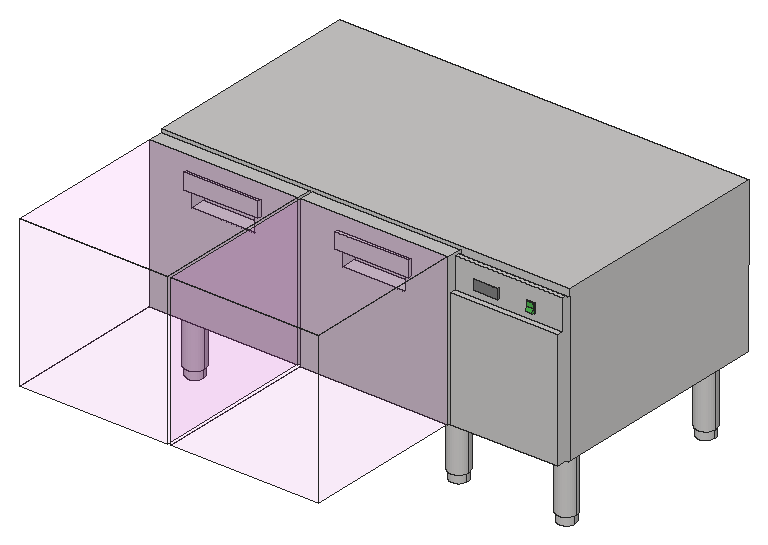
Revit family "QF_ELECTROLUXPROFESSIONAL_371290_E7TTAECOMIN", category Specialty Equipment, Revit 2018
Family settings
  Round Connector Dimension = Use Diameter
  Part Type = Normal
  Work Plane-Based = No
  Always vertical = Yes
  Cut with Voids When Loaded = No
  Shared = No
  Room Calculation Point = No
Parameters (values of type "Standard")
  Weight = 95.00 kg
  Watts = 0 W
  Volts = 220 V
  URL Manufacturer = "http://professional.electrolux.com"
  URL = "http://professional.electrolux.com"
  Steam Supply Size = 0 mm
  Steam Supply Minimum Pressure = 0.0 Pa
  Steam Supply Maximum Pressure = 0.0 Pa
  Steam Pounds per Hour = 0
  Refrigeration Suction Line Size = 0 mm
  Refrigeration Liquid Line Size = 0 mm
  Refrigerant Compressor Remote = yes
  Manufacturer = "Electrolux Professional"
  Phase = 1
  Model = "E7TTAECOMIN"
  Length Actual = 1200 mm  # constant formula
  Item Number = "371290"
  Hot Water Size = 0 mm
  Height Actual = 600 mm  # constant formula
  HP = "0.5 HP"
  Gas Size = 0 mm
  Gas KW = 0
  Gas Input Pressure = 0 W
  Direct Waste Size = 12.7 mm
  Description = "REFRIGERATED BASE WITH 2 DRAWERS 1200MM - R290"
  Depth Actual = 700 mm  # constant formula
  Cycle = 50 Hz
  Condensate Return Size = 0 mm
  Compressed Air Volume = 0.0 L/s
  Compressed Air Size = 0 mm
  Compressed Air Pressure = 0.0 Pa
  Cold Water Size = 0 mm
  Accessory = yes
Values of the unnamed type that differ from the named types
  Volts = 0 V
  URL Manufacturer = ""
  Item Number = ""
  Cycle = 0 Hz
Reference planes
  plane 1 "Center X": y = 0
  plane 2: z = 0
  plane 3 "Centro (Sinistra/Destra)": x = 0
  plane 4: z = 200
  plane 5 "TOP": z = 650
  plane 6 "BACK": y = 350
  plane 7 "FRONT": y = -350
  plane 8 "LEFT": x = -600
  plane 9 "RIGHT": x = 600
  plane 10: y = -303
  plane 11: y = -348
  plane 12: x = -545
  plane 13: x = 545
  plane 14: x = 229
  plane 15: y = 262
  plane 16: y = -249
  plane 17: x = 286
  plane 18: x = -599
  plane 19: x = 599
  plane 20: y = 190
  plane 21: x = 560
Forms (mm)
  Extrusion 1, solid, material "QF_Finishes_Stainless Steel"
    sketch origin (0, 0, 650) x (-1, 0, 0) y (0, -1, 0)
      loop
        line (599, -350) -> (599, 303) -> (-599, 303) -> (-599, -350) -> (599, -350)
    from -450 to 0
  Extrusion 2, solid, material "QF_Finishes_Stainless Steel"
    sketch origin (196, -342.999, 0) x (-1, 0, 0) y (0, 0, 1)
      loop
        line (795, 201.587) -> (795, 640.994) -> (360.999, 640.994) -> (360.999, 201.587) -> (795, 201.587)
      loop
        line (671.3, 506.706) -> (671.3, 585) -> (484.699, 585) -> (484.699, 506.706) -> (671.3, 506.706)
    from -5.001 to 39.999
  Extrusion 3, solid, material "QF_Door-Drawer Clearances"
    sketch origin (196, -348, 0) x (1, 0, 0) y (0, 0, 1)
      loop
        line (-795, 640.994) -> (-795, 201.587) -> (-360.999, 201.587) -> (-360.999, 640.994) -> (-795, 640.994)
    from 0 to 473.5
  Extrusion 4, solid, material "QF_Finishes_Stainless Steel"
    sketch origin (599, 66.551, 0) x (0, 1, 0) y (0, 0, 1)
      loop
        line (-369.551, 629.527) -> (-386.314, 640.994) -> (-397.65, 640.994) -> (-397.65, 549.796) -> (-414.551, 549.796) -> (-414.551, 204.796) -> (-384.714, 204.796) -> (-374.993, 200) -> (-369.551, 200) -> (-369.551, 629.527)
    from 0 to -313
  Extrusion 5, solid, material "QF_Finishes_Black"
    sketch origin (583, -331.099, 630.994) x (0, 0, -1) y (1, 0, 0)
      loop
        line (32.198, -86.899) -> (61.199, -86.899) -> (61.199, -64.9) -> (32.198, -64.9) -> (32.198, -86.899)
    from 0 to 1.6
  Extrusion 6, solid, material "QF_Finishes_Grey"
    sketch origin (589, -331.099, 630.994) x (0, 0, -1) y (1, 0, 0)
      loop
        line (32.198, -248.099) -> (61.199, -248.099) -> (61.199, -178.099) -> (32.198, -178.099) -> (32.198, -248.099)
    from 0 to 1.6
  Extrusion 7, solid, material "QF_Finishes_Green"
    sketch origin (518.1, -331.099, 598.796) x (0, 0, -1) y (0, 1, 0)
      loop
        line (2.279, -3.281) -> (14.5, -3.281) -> (25.308, -8.985)
        arc (25.308, -8.985) -> (26.537, -5.394) -> (26.605, -1.6) r 12.221
        line (26.605, -1.6) -> (2.395, -1.6)
        arc (2.395, -1.6) -> (2.308, -2.439) -> (2.279, -3.281) r 12.221
    from -20 to -2
  Extrusion 8, solid, material "QF_Door-Drawer Clearances"
    sketch origin (638.501, -342.999, 0) x (1, 0, 0) y (0, 0, 1)
      loop
        line (-795, 640.994) -> (-795, 201.587) -> (-360.999, 201.587) -> (-360.999, 640.994) -> (-795, 640.994)
    from 5.001 to 478.501
  Extrusion 9, solid, material "QF_Finishes_Stainless Steel"
    sketch origin (196, -348, 0) x (1, 0, 0) y (0, 0, 1)
      loop
        line (-686.3, 598.969) -> (-686.3, 553.969) -> (-469.699, 553.969) -> (-469.699, 598.969) -> (-686.3, 598.969)
    from 0 to 10
  Extrusion 10, solid, material "QF_Finishes_Stainless Steel"
    sketch origin (638.501, -342.999, 0) x (-1, 0, 0) y (0, 0, 1)
      loop
        line (795, 201.587) -> (795, 640.994) -> (360.999, 640.994) -> (360.999, 201.587) -> (795, 201.587)
      loop
        line (671.3, 506.706) -> (671.3, 585) -> (484.699, 585) -> (484.699, 506.706) -> (671.3, 506.706)
    from -5.001 to 39.999
  Extrusion 11, solid, material "QF_Finishes_Stainless Steel"
    sketch origin (638.501, -348, 0) x (1, 0, 0) y (0, 0, 1)
      loop
        line (-686.3, 598.969) -> (-686.3, 553.969) -> (-469.699, 553.969) -> (-469.699, 598.969) -> (-686.3, 598.969)
    from 0 to 10
  Extrusion 12, solid, material "QF_Finishes_Stainless Steel"
    sketch origin (0, 0, 0) x (1, 0, 0) y (0, 1, 0)
      loop
        circle (560, 190) r 6
    from 189.987 to 200
Lines and regions (mm)
  Split face 1
    outline origin (589, -332.699, 630.994) x (0, 0, -1) y (1, 0, 0)
      loop
        line (37.198, -238.099) -> (52.198, -238.099) -> (52.198, -188.099) -> (37.198, -188.099) -> (37.198, -238.099)
  Split face 2
    outline origin (589, -332.699, 630.994) x (0, 0, -1) y (1, 0, 0)
      loop
        circle (44.698, -185.099) r 1.2
  Split face 3
    outline origin (589, -332.699, 630.994) x (0, 0, -1) y (1, 0, 0)
      loop
        circle (39.698, -185.099) r 1.2
  Split face 4
    outline origin (589, -332.699, 630.994) x (0, 0, -1) y (1, 0, 0)
      loop
        circle (49.698, -185.099) r 1.2
  Split face 5
    outline origin (589, -332.699, 630.994) x (0, 0, -1) y (1, 0, 0)
      loop
        circle (39.698, -241.099) r 1.2
  Split face 6
    outline origin (589, -332.699, 630.994) x (0, 0, -1) y (1, 0, 0)
      loop
        circle (44.698, -241.099) r 1.2
  Split face 7
    outline origin (589, -332.699, 630.994) x (0, 0, -1) y (1, 0, 0)
      loop
        circle (49.698, -241.099) r 1.2
  Split face 8
    outline origin (589, -332.699, 630.994) x (0, 0, -1) y (1, 0, 0)
      loop
        line (59.151, -238.099) -> (59.151, -227.099) -> (54.151, -227.099) -> (54.151, -238.099) -> (59.151, -238.099)
  Split face 9
    outline origin (589, -332.699, 630.994) x (0, 0, -1) y (1, 0, 0)
      loop
        line (54.151, -225.099) -> (59.151, -225.099) -> (59.151, -214.099) -> (54.151, -214.099) -> (54.151, -225.099)
  Split face 10
    outline origin (602, -332.699, 630.994) x (0, 0, -1) y (1, 0, 0)
      loop
        line (54.151, -225.099) -> (59.151, -225.099) -> (59.151, -214.099) -> (54.151, -214.099) -> (54.151, -225.099)
  Split face 11
    outline origin (615, -332.699, 630.994) x (0, 0, -1) y (1, 0, 0)
      loop
        line (54.151, -225.099) -> (59.151, -225.099) -> (59.151, -214.099) -> (54.151, -214.099) -> (54.151, -225.099)
  Split face 12
    outline origin (601.5, -348, 412.291) x (0, 0, -1) y (1, 0, 0)
      loop
        arc (-85.025, -282.599) -> (-81.004, -278.61) -> (-85.004, -274.599) r 4
        line (-85.004, -274.599) -> (-117.004, -274.599)
        arc (-117.004, -274.599) -> (-121.004, -278.61) -> (-116.984, -282.599) r 4
        line (-116.984, -282.599) -> (-85.025, -282.599)
  Split face 13
    outline origin (613.5, -348, 412.291) x (0, 0, -1) y (1, 0, 0)
      loop
        arc (-85.025, -282.599) -> (-81.004, -278.61) -> (-85.004, -274.599) r 4
        line (-85.004, -274.599) -> (-117.004, -274.599)
        arc (-117.004, -274.599) -> (-121.004, -278.61) -> (-116.984, -282.599) r 4
        line (-116.984, -282.599) -> (-85.025, -282.599)
  Split face 14
    outline origin (625.5, -348, 412.291) x (0, 0, -1) y (1, 0, 0)
      loop
        arc (-85.025, -282.599) -> (-81.004, -278.61) -> (-85.004, -274.599) r 4
        line (-85.004, -274.599) -> (-117.004, -274.599)
        arc (-117.004, -274.599) -> (-121.004, -278.61) -> (-116.984, -282.599) r 4
        line (-116.984, -282.599) -> (-85.025, -282.599)
  Split face 15
    outline origin (637.397, -348, 412.291) x (0, 0, -1) y (1, 0, 0)
      loop
        arc (-85.025, -282.599) -> (-81.004, -278.61) -> (-85.004, -274.599) r 4
        line (-85.004, -274.599) -> (-117.004, -274.599)
        arc (-117.004, -274.599) -> (-121.004, -278.61) -> (-116.984, -282.599) r 4
        line (-116.984, -282.599) -> (-85.025, -282.599)
  Split face 16
    outline origin (649.396, -348, 412.291) x (0, 0, -1) y (1, 0, 0)
      loop
        arc (-85.025, -282.599) -> (-81.004, -278.61) -> (-85.004, -274.599) r 4
        line (-85.004, -274.599) -> (-117.004, -274.599)
        arc (-117.004, -274.599) -> (-121.004, -278.61) -> (-116.984, -282.599) r 4
        line (-116.984, -282.599) -> (-85.025, -282.599)
  Split face 17
    outline origin (661.396, -348, 412.291) x (0, 0, -1) y (1, 0, 0)
      loop
        arc (-85.025, -282.599) -> (-81.004, -278.61) -> (-85.004, -274.599) r 4
        line (-85.004, -274.599) -> (-117.004, -274.599)
        arc (-117.004, -274.599) -> (-121.004, -278.61) -> (-116.984, -282.599) r 4
        line (-116.984, -282.599) -> (-85.025, -282.599)
  Split face 18
    outline origin (673.396, -348, 412.291) x (0, 0, -1) y (1, 0, 0)
      loop
        arc (-85.025, -282.599) -> (-81.004, -278.61) -> (-85.004, -274.599) r 4
        line (-85.004, -274.599) -> (-117.004, -274.599)
        arc (-117.004, -274.599) -> (-121.004, -278.61) -> (-116.984, -282.599) r 4
        line (-116.984, -282.599) -> (-85.025, -282.599)
  Split face 19
    outline origin (685.397, -348, 412.291) x (0, 0, -1) y (1, 0, 0)
      loop
        arc (-85.025, -282.599) -> (-81.004, -278.61) -> (-85.004, -274.599) r 4
        line (-85.004, -274.599) -> (-117.004, -274.599)
        arc (-117.004, -274.599) -> (-121.004, -278.61) -> (-116.984, -282.599) r 4
        line (-116.984, -282.599) -> (-85.025, -282.599)
  Split face 20
    outline origin (697.396, -348, 412.291) x (0, 0, -1) y (1, 0, 0)
      loop
        arc (-85.025, -282.599) -> (-81.004, -278.61) -> (-85.004, -274.599) r 4
        line (-85.004, -274.599) -> (-117.004, -274.599)
        arc (-117.004, -274.599) -> (-121.004, -278.61) -> (-116.984, -282.599) r 4
        line (-116.984, -282.599) -> (-85.025, -282.599)
  Split face 21
    outline origin (704.396, -348, 412.291) x (0, 0, -1) y (1, 0, 0)
      loop
        arc (-85.025, -242.399) -> (-81.004, -238.41) -> (-85.004, -234.4) r 4
        line (-85.004, -234.4) -> (-117.004, -234.4)
        arc (-117.004, -234.4) -> (-121.004, -238.41) -> (-116.984, -242.399) r 4
        line (-116.984, -242.399) -> (-85.025, -242.399)
  Split face 22
    outline origin (716.396, -348, 412.291) x (0, 0, -1) y (1, 0, 0)
      loop
        arc (-85.025, -242.399) -> (-81.004, -238.41) -> (-85.004, -234.4) r 4
        line (-85.004, -234.4) -> (-117.004, -234.4)
        arc (-117.004, -234.4) -> (-121.004, -238.41) -> (-116.984, -242.399) r 4
        line (-116.984, -242.399) -> (-85.025, -242.399)
  Split face 23
    outline origin (728.396, -348, 412.291) x (0, 0, -1) y (1, 0, 0)
      loop
        arc (-85.025, -242.399) -> (-81.004, -238.41) -> (-85.004, -234.4) r 4
        line (-85.004, -234.4) -> (-117.004, -234.4)
        arc (-117.004, -234.4) -> (-121.004, -238.41) -> (-116.984, -242.399) r 4
        line (-116.984, -242.399) -> (-85.025, -242.399)
  Split face 24
    outline origin (740.396, -348, 412.291) x (0, 0, -1) y (1, 0, 0)
      loop
        arc (-85.025, -242.399) -> (-81.004, -238.41) -> (-85.004, -234.4) r 4
        line (-85.004, -234.4) -> (-117.004, -234.4)
        arc (-117.004, -234.4) -> (-121.004, -238.41) -> (-116.984, -242.399) r 4
        line (-116.984, -242.399) -> (-85.025, -242.399)
  Split face 25
    outline origin (752.396, -348, 412.291) x (0, 0, -1) y (1, 0, 0)
      loop
        arc (-85.025, -242.399) -> (-81.004, -238.41) -> (-85.004, -234.4) r 4
        line (-85.004, -234.4) -> (-117.004, -234.4)
        arc (-117.004, -234.4) -> (-121.004, -238.41) -> (-116.984, -242.399) r 4
        line (-116.984, -242.399) -> (-85.025, -242.399)
  Split face 26
    outline origin (764.396, -348, 412.291) x (0, 0, -1) y (1, 0, 0)
      loop
        arc (-85.025, -242.399) -> (-81.004, -238.41) -> (-85.004, -234.4) r 4
        line (-85.004, -234.4) -> (-117.004, -234.4)
        arc (-117.004, -234.4) -> (-121.004, -238.41) -> (-116.984, -242.399) r 4
        line (-116.984, -242.399) -> (-85.025, -242.399)
  Split face 27
    outline origin (776.396, -348, 412.291) x (0, 0, -1) y (1, 0, 0)
      loop
        arc (-85.025, -242.399) -> (-81.004, -238.41) -> (-85.004, -234.4) r 4
        line (-85.004, -234.4) -> (-117.004, -234.4)
        arc (-117.004, -234.4) -> (-121.004, -238.41) -> (-116.984, -242.399) r 4
        line (-116.984, -242.399) -> (-85.025, -242.399)
  Split face 28
    outline origin (788.396, -348, 412.291) x (0, 0, -1) y (1, 0, 0)
      loop
        arc (-85.025, -242.399) -> (-81.004, -238.41) -> (-85.004, -234.4) r 4
        line (-85.004, -234.4) -> (-117.004, -234.4)
        arc (-117.004, -234.4) -> (-121.004, -238.41) -> (-116.984, -242.399) r 4
        line (-116.984, -242.399) -> (-85.025, -242.399)
  Split face 29
    outline origin (800.396, -348, 412.291) x (0, 0, -1) y (1, 0, 0)
      loop
        arc (-85.025, -242.399) -> (-81.004, -238.41) -> (-85.004, -234.4) r 4
        line (-85.004, -234.4) -> (-117.004, -234.4)
        arc (-117.004, -234.4) -> (-121.004, -238.41) -> (-116.984, -242.399) r 4
        line (-116.984, -242.399) -> (-85.025, -242.399)
  Split face 30
    outline origin (812.396, -348, 412.291) x (0, 0, -1) y (1, 0, 0)
      loop
        arc (-85.025, -242.399) -> (-81.004, -238.41) -> (-85.004, -234.4) r 4
        line (-85.004, -234.4) -> (-117.004, -234.4)
        arc (-117.004, -234.4) -> (-121.004, -238.41) -> (-116.984, -242.399) r 4
        line (-116.984, -242.399) -> (-85.025, -242.399)
  Split face 31
    outline origin (589.5, -348, 412.291) x (0, 0, -1) y (1, 0, 0)
      loop
        arc (-85.025, -282.599) -> (-81.004, -278.61) -> (-85.004, -274.599) r 4
        line (-85.004, -274.599) -> (-117.004, -274.599)
        arc (-117.004, -274.599) -> (-121.004, -278.61) -> (-116.984, -282.599) r 4
        line (-116.984, -282.599) -> (-85.025, -282.599)
  Split face 32
    outline origin (601.5, -348, 367.29) x (0, 0, -1) y (1, 0, 0)
      loop
        arc (-85.025, -282.599) -> (-81.004, -278.61) -> (-85.004, -274.599) r 4
        line (-85.004, -274.599) -> (-117.004, -274.599)
        arc (-117.004, -274.599) -> (-121.004, -278.61) -> (-116.984, -282.599) r 4
        line (-116.984, -282.599) -> (-85.025, -282.599)
  Split face 33
    outline origin (613.5, -348, 367.29) x (0, 0, -1) y (1, 0, 0)
      loop
        arc (-85.025, -282.599) -> (-81.004, -278.61) -> (-85.004, -274.599) r 4
        line (-85.004, -274.599) -> (-117.004, -274.599)
        arc (-117.004, -274.599) -> (-121.004, -278.61) -> (-116.984, -282.599) r 4
        line (-116.984, -282.599) -> (-85.025, -282.599)
  Split face 34
    outline origin (625.5, -348, 367.29) x (0, 0, -1) y (1, 0, 0)
      loop
        arc (-85.025, -282.599) -> (-81.004, -278.61) -> (-85.004, -274.599) r 4
        line (-85.004, -274.599) -> (-117.004, -274.599)
        arc (-117.004, -274.599) -> (-121.004, -278.61) -> (-116.984, -282.599) r 4
        line (-116.984, -282.599) -> (-85.025, -282.599)
  Split face 35
    outline origin (637.397, -348, 367.29) x (0, 0, -1) y (1, 0, 0)
      loop
        arc (-85.025, -282.599) -> (-81.004, -278.61) -> (-85.004, -274.599) r 4
        line (-85.004, -274.599) -> (-117.004, -274.599)
        arc (-117.004, -274.599) -> (-121.004, -278.61) -> (-116.984, -282.599) r 4
        line (-116.984, -282.599) -> (-85.025, -282.599)
  Split face 36
    outline origin (649.396, -348, 367.29) x (0, 0, -1) y (1, 0, 0)
      loop
        arc (-85.025, -282.599) -> (-81.004, -278.61) -> (-85.004, -274.599) r 4
        line (-85.004, -274.599) -> (-117.004, -274.599)
        arc (-117.004, -274.599) -> (-121.004, -278.61) -> (-116.984, -282.599) r 4
        line (-116.984, -282.599) -> (-85.025, -282.599)
  Split face 37
    outline origin (661.396, -348, 367.29) x (0, 0, -1) y (1, 0, 0)
      loop
        arc (-85.025, -282.599) -> (-81.004, -278.61) -> (-85.004, -274.599) r 4
        line (-85.004, -274.599) -> (-117.004, -274.599)
        arc (-117.004, -274.599) -> (-121.004, -278.61) -> (-116.984, -282.599) r 4
        line (-116.984, -282.599) -> (-85.025, -282.599)
  Split face 38
    outline origin (673.396, -348, 367.29) x (0, 0, -1) y (1, 0, 0)
      loop
        arc (-85.025, -282.599) -> (-81.004, -278.61) -> (-85.004, -274.599) r 4
        line (-85.004, -274.599) -> (-117.004, -274.599)
        arc (-117.004, -274.599) -> (-121.004, -278.61) -> (-116.984, -282.599) r 4
        line (-116.984, -282.599) -> (-85.025, -282.599)
  Split face 39
    outline origin (685.397, -348, 367.29) x (0, 0, -1) y (1, 0, 0)
      loop
        arc (-85.025, -282.599) -> (-81.004, -278.61) -> (-85.004, -274.599) r 4
        line (-85.004, -274.599) -> (-117.004, -274.599)
        arc (-117.004, -274.599) -> (-121.004, -278.61) -> (-116.984, -282.599) r 4
        line (-116.984, -282.599) -> (-85.025, -282.599)
  Split face 40
    outline origin (697.396, -348, 367.29) x (0, 0, -1) y (1, 0, 0)
      loop
        arc (-85.025, -282.599) -> (-81.004, -278.61) -> (-85.004, -274.599) r 4
        line (-85.004, -274.599) -> (-117.004, -274.599)
        arc (-117.004, -274.599) -> (-121.004, -278.61) -> (-116.984, -282.599) r 4
        line (-116.984, -282.599) -> (-85.025, -282.599)
  Split face 41
    outline origin (704.396, -348, 367.29) x (0, 0, -1) y (1, 0, 0)
      loop
        arc (-85.025, -242.399) -> (-81.004, -238.41) -> (-85.004, -234.4) r 4
        line (-85.004, -234.4) -> (-117.004, -234.4)
        arc (-117.004, -234.4) -> (-121.004, -238.41) -> (-116.984, -242.399) r 4
        line (-116.984, -242.399) -> (-85.025, -242.399)
  Split face 42
    outline origin (716.396, -348, 367.29) x (0, 0, -1) y (1, 0, 0)
      loop
        arc (-85.025, -242.399) -> (-81.004, -238.41) -> (-85.004, -234.4) r 4
        line (-85.004, -234.4) -> (-117.004, -234.4)
        arc (-117.004, -234.4) -> (-121.004, -238.41) -> (-116.984, -242.399) r 4
        line (-116.984, -242.399) -> (-85.025, -242.399)
  Split face 43
    outline origin (728.396, -348, 367.29) x (0, 0, -1) y (1, 0, 0)
      loop
        arc (-85.025, -242.399) -> (-81.004, -238.41) -> (-85.004, -234.4) r 4
        line (-85.004, -234.4) -> (-117.004, -234.4)
        arc (-117.004, -234.4) -> (-121.004, -238.41) -> (-116.984, -242.399) r 4
        line (-116.984, -242.399) -> (-85.025, -242.399)
  Split face 44
    outline origin (740.396, -348, 367.29) x (0, 0, -1) y (1, 0, 0)
      loop
        arc (-85.025, -242.399) -> (-81.004, -238.41) -> (-85.004, -234.4) r 4
        line (-85.004, -234.4) -> (-117.004, -234.4)
        arc (-117.004, -234.4) -> (-121.004, -238.41) -> (-116.984, -242.399) r 4
        line (-116.984, -242.399) -> (-85.025, -242.399)
  Split face 45
    outline origin (752.396, -348, 367.29) x (0, 0, -1) y (1, 0, 0)
      loop
        arc (-85.025, -242.399) -> (-81.004, -238.41) -> (-85.004, -234.4) r 4
        line (-85.004, -234.4) -> (-117.004, -234.4)
        arc (-117.004, -234.4) -> (-121.004, -238.41) -> (-116.984, -242.399) r 4
        line (-116.984, -242.399) -> (-85.025, -242.399)
  Split face 46
    outline origin (764.396, -348, 367.29) x (0, 0, -1) y (1, 0, 0)
      loop
        arc (-85.025, -242.399) -> (-81.004, -238.41) -> (-85.004, -234.4) r 4
        line (-85.004, -234.4) -> (-117.004, -234.4)
        arc (-117.004, -234.4) -> (-121.004, -238.41) -> (-116.984, -242.399) r 4
        line (-116.984, -242.399) -> (-85.025, -242.399)
  Split face 47
    outline origin (776.396, -348, 367.29) x (0, 0, -1) y (1, 0, 0)
      loop
        arc (-85.025, -242.399) -> (-81.004, -238.41) -> (-85.004, -234.4) r 4
        line (-85.004, -234.4) -> (-117.004, -234.4)
        arc (-117.004, -234.4) -> (-121.004, -238.41) -> (-116.984, -242.399) r 4
        line (-116.984, -242.399) -> (-85.025, -242.399)
  Split face 48
    outline origin (788.396, -348, 367.29) x (0, 0, -1) y (1, 0, 0)
      loop
        arc (-85.025, -242.399) -> (-81.004, -238.41) -> (-85.004, -234.4) r 4
        line (-85.004, -234.4) -> (-117.004, -234.4)
        arc (-117.004, -234.4) -> (-121.004, -238.41) -> (-116.984, -242.399) r 4
        line (-116.984, -242.399) -> (-85.025, -242.399)
  Split face 49
    outline origin (800.396, -348, 367.29) x (0, 0, -1) y (1, 0, 0)
      loop
        arc (-85.025, -242.399) -> (-81.004, -238.41) -> (-85.004, -234.4) r 4
        line (-85.004, -234.4) -> (-117.004, -234.4)
        arc (-117.004, -234.4) -> (-121.004, -238.41) -> (-116.984, -242.399) r 4
        line (-116.984, -242.399) -> (-85.025, -242.399)
  Split face 50
    outline origin (812.396, -348, 367.29) x (0, 0, -1) y (1, 0, 0)
      loop
        arc (-85.025, -242.399) -> (-81.004, -238.41) -> (-85.004, -234.4) r 4
        line (-85.004, -234.4) -> (-117.004, -234.4)
        arc (-117.004, -234.4) -> (-121.004, -238.41) -> (-116.984, -242.399) r 4
        line (-116.984, -242.399) -> (-85.025, -242.399)
  Split face 51
    outline origin (589.5, -348, 367.29) x (0, 0, -1) y (1, 0, 0)
      loop
        arc (-85.025, -282.599) -> (-81.004, -278.61) -> (-85.004, -274.599) r 4
        line (-85.004, -274.599) -> (-117.004, -274.599)
        arc (-117.004, -274.599) -> (-121.004, -278.61) -> (-116.984, -282.599) r 4
        line (-116.984, -282.599) -> (-85.025, -282.599)
  Split face 52
    outline origin (601.5, -348, 322.29) x (0, 0, -1) y (1, 0, 0)
      loop
        arc (-85.025, -282.599) -> (-81.004, -278.61) -> (-85.004, -274.599) r 4
        line (-85.004, -274.599) -> (-117.004, -274.599)
        arc (-117.004, -274.599) -> (-121.004, -278.61) -> (-116.984, -282.599) r 4
        line (-116.984, -282.599) -> (-85.025, -282.599)
  Split face 53
    outline origin (613.5, -348, 322.29) x (0, 0, -1) y (1, 0, 0)
      loop
        arc (-85.025, -282.599) -> (-81.004, -278.61) -> (-85.004, -274.599) r 4
        line (-85.004, -274.599) -> (-117.004, -274.599)
        arc (-117.004, -274.599) -> (-121.004, -278.61) -> (-116.984, -282.599) r 4
        line (-116.984, -282.599) -> (-85.025, -282.599)
  Split face 54
    outline origin (625.5, -348, 322.29) x (0, 0, -1) y (1, 0, 0)
      loop
        arc (-85.025, -282.599) -> (-81.004, -278.61) -> (-85.004, -274.599) r 4
        line (-85.004, -274.599) -> (-117.004, -274.599)
        arc (-117.004, -274.599) -> (-121.004, -278.61) -> (-116.984, -282.599) r 4
        line (-116.984, -282.599) -> (-85.025, -282.599)
  Split face 55
    outline origin (637.397, -348, 322.29) x (0, 0, -1) y (1, 0, 0)
      loop
        arc (-85.025, -282.599) -> (-81.004, -278.61) -> (-85.004, -274.599) r 4
        line (-85.004, -274.599) -> (-117.004, -274.599)
        arc (-117.004, -274.599) -> (-121.004, -278.61) -> (-116.984, -282.599) r 4
        line (-116.984, -282.599) -> (-85.025, -282.599)
  Split face 56
    outline origin (649.396, -348, 322.29) x (0, 0, -1) y (1, 0, 0)
      loop
        arc (-85.025, -282.599) -> (-81.004, -278.61) -> (-85.004, -274.599) r 4
        line (-85.004, -274.599) -> (-117.004, -274.599)
        arc (-117.004, -274.599) -> (-121.004, -278.61) -> (-116.984, -282.599) r 4
        line (-116.984, -282.599) -> (-85.025, -282.599)
  Split face 57
    outline origin (661.396, -348, 322.29) x (0, 0, -1) y (1, 0, 0)
      loop
        arc (-85.025, -282.599) -> (-81.004, -278.61) -> (-85.004, -274.599) r 4
        line (-85.004, -274.599) -> (-117.004, -274.599)
        arc (-117.004, -274.599) -> (-121.004, -278.61) -> (-116.984, -282.599) r 4
        line (-116.984, -282.599) -> (-85.025, -282.599)
  Split face 58
    outline origin (673.396, -348, 322.29) x (0, 0, -1) y (1, 0, 0)
      loop
        arc (-85.025, -282.599) -> (-81.004, -278.61) -> (-85.004, -274.599) r 4
        line (-85.004, -274.599) -> (-117.004, -274.599)
        arc (-117.004, -274.599) -> (-121.004, -278.61) -> (-116.984, -282.599) r 4
        line (-116.984, -282.599) -> (-85.025, -282.599)
  Split face 59
    outline origin (685.397, -348, 322.29) x (0, 0, -1) y (1, 0, 0)
      loop
        arc (-85.025, -282.599) -> (-81.004, -278.61) -> (-85.004, -274.599) r 4
        line (-85.004, -274.599) -> (-117.004, -274.599)
        arc (-117.004, -274.599) -> (-121.004, -278.61) -> (-116.984, -282.599) r 4
        line (-116.984, -282.599) -> (-85.025, -282.599)
  Split face 60
    outline origin (697.396, -348, 322.29) x (0, 0, -1) y (1, 0, 0)
      loop
        arc (-85.025, -282.599) -> (-81.004, -278.61) -> (-85.004, -274.599) r 4
        line (-85.004, -274.599) -> (-117.004, -274.599)
        arc (-117.004, -274.599) -> (-121.004, -278.61) -> (-116.984, -282.599) r 4
        line (-116.984, -282.599) -> (-85.025, -282.599)
  Split face 61
    outline origin (704.396, -348, 322.29) x (0, 0, -1) y (1, 0, 0)
      loop
        arc (-85.025, -242.399) -> (-81.004, -238.41) -> (-85.004, -234.4) r 4
        line (-85.004, -234.4) -> (-117.004, -234.4)
        arc (-117.004, -234.4) -> (-121.004, -238.41) -> (-116.984, -242.399) r 4
        line (-116.984, -242.399) -> (-85.025, -242.399)
  Split face 62
    outline origin (716.396, -348, 322.29) x (0, 0, -1) y (1, 0, 0)
      loop
        arc (-85.025, -242.399) -> (-81.004, -238.41) -> (-85.004, -234.4) r 4
        line (-85.004, -234.4) -> (-117.004, -234.4)
        arc (-117.004, -234.4) -> (-121.004, -238.41) -> (-116.984, -242.399) r 4
        line (-116.984, -242.399) -> (-85.025, -242.399)
  Split face 63
    outline origin (728.396, -348, 322.29) x (0, 0, -1) y (1, 0, 0)
      loop
        arc (-85.025, -242.399) -> (-81.004, -238.41) -> (-85.004, -234.4) r 4
        line (-85.004, -234.4) -> (-117.004, -234.4)
        arc (-117.004, -234.4) -> (-121.004, -238.41) -> (-116.984, -242.399) r 4
        line (-116.984, -242.399) -> (-85.025, -242.399)
  Split face 64
    outline origin (740.396, -348, 322.29) x (0, 0, -1) y (1, 0, 0)
      loop
        arc (-85.025, -242.399) -> (-81.004, -238.41) -> (-85.004, -234.4) r 4
        line (-85.004, -234.4) -> (-117.004, -234.4)
        arc (-117.004, -234.4) -> (-121.004, -238.41) -> (-116.984, -242.399) r 4
        line (-116.984, -242.399) -> (-85.025, -242.399)
  Split face 65
    outline origin (752.396, -348, 322.29) x (0, 0, -1) y (1, 0, 0)
      loop
        arc (-85.025, -242.399) -> (-81.004, -238.41) -> (-85.004, -234.4) r 4
        line (-85.004, -234.4) -> (-117.004, -234.4)
        arc (-117.004, -234.4) -> (-121.004, -238.41) -> (-116.984, -242.399) r 4
        line (-116.984, -242.399) -> (-85.025, -242.399)
  Split face 66
    outline origin (764.396, -348, 322.29) x (0, 0, -1) y (1, 0, 0)
      loop
        arc (-85.025, -242.399) -> (-81.004, -238.41) -> (-85.004, -234.4) r 4
        line (-85.004, -234.4) -> (-117.004, -234.4)
        arc (-117.004, -234.4) -> (-121.004, -238.41) -> (-116.984, -242.399) r 4
        line (-116.984, -242.399) -> (-85.025, -242.399)
  Split face 67
    outline origin (776.396, -348, 322.29) x (0, 0, -1) y (1, 0, 0)
      loop
        arc (-85.025, -242.399) -> (-81.004, -238.41) -> (-85.004, -234.4) r 4
        line (-85.004, -234.4) -> (-117.004, -234.4)
        arc (-117.004, -234.4) -> (-121.004, -238.41) -> (-116.984, -242.399) r 4
        line (-116.984, -242.399) -> (-85.025, -242.399)
  Split face 68
    outline origin (788.396, -348, 322.29) x (0, 0, -1) y (1, 0, 0)
      loop
        arc (-85.025, -242.399) -> (-81.004, -238.41) -> (-85.004, -234.4) r 4
        line (-85.004, -234.4) -> (-117.004, -234.4)
        arc (-117.004, -234.4) -> (-121.004, -238.41) -> (-116.984, -242.399) r 4
        line (-116.984, -242.399) -> (-85.025, -242.399)
  Split face 69
    outline origin (800.396, -348, 322.29) x (0, 0, -1) y (1, 0, 0)
      loop
        arc (-85.025, -242.399) -> (-81.004, -238.41) -> (-85.004, -234.4) r 4
        line (-85.004, -234.4) -> (-117.004, -234.4)
        arc (-117.004, -234.4) -> (-121.004, -238.41) -> (-116.984, -242.399) r 4
        line (-116.984, -242.399) -> (-85.025, -242.399)
  Split face 70
    outline origin (812.396, -348, 322.29) x (0, 0, -1) y (1, 0, 0)
      loop
        arc (-85.025, -242.399) -> (-81.004, -238.41) -> (-85.004, -234.4) r 4
        line (-85.004, -234.4) -> (-117.004, -234.4)
        arc (-117.004, -234.4) -> (-121.004, -238.41) -> (-116.984, -242.399) r 4
        line (-116.984, -242.399) -> (-85.025, -242.399)
  Split face 71
    outline origin (589.5, -348, 322.29) x (0, 0, -1) y (1, 0, 0)
      loop
        arc (-85.025, -282.599) -> (-81.004, -278.61) -> (-85.004, -274.599) r 4
        line (-85.004, -274.599) -> (-117.004, -274.599)
        arc (-117.004, -274.599) -> (-121.004, -278.61) -> (-116.984, -282.599) r 4
        line (-116.984, -282.599) -> (-85.025, -282.599)
  Split face 72
    outline origin (601.5, -348, 277.29) x (0, 0, -1) y (1, 0, 0)
      loop
        arc (-85.025, -282.599) -> (-81.004, -278.61) -> (-85.004, -274.599) r 4
        line (-85.004, -274.599) -> (-117.004, -274.599)
        arc (-117.004, -274.599) -> (-121.004, -278.61) -> (-116.984, -282.599) r 4
        line (-116.984, -282.599) -> (-85.025, -282.599)
  Split face 73
    outline origin (613.5, -348, 277.29) x (0, 0, -1) y (1, 0, 0)
      loop
        arc (-85.025, -282.599) -> (-81.004, -278.61) -> (-85.004, -274.599) r 4
        line (-85.004, -274.599) -> (-117.004, -274.599)
        arc (-117.004, -274.599) -> (-121.004, -278.61) -> (-116.984, -282.599) r 4
        line (-116.984, -282.599) -> (-85.025, -282.599)
  Split face 74
    outline origin (625.5, -348, 277.29) x (0, 0, -1) y (1, 0, 0)
      loop
        arc (-85.025, -282.599) -> (-81.004, -278.61) -> (-85.004, -274.599) r 4
        line (-85.004, -274.599) -> (-117.004, -274.599)
        arc (-117.004, -274.599) -> (-121.004, -278.61) -> (-116.984, -282.599) r 4
        line (-116.984, -282.599) -> (-85.025, -282.599)
  Split face 75
    outline origin (637.397, -348, 277.29) x (0, 0, -1) y (1, 0, 0)
      loop
        arc (-85.025, -282.599) -> (-81.004, -278.61) -> (-85.004, -274.599) r 4
        line (-85.004, -274.599) -> (-117.004, -274.599)
        arc (-117.004, -274.599) -> (-121.004, -278.61) -> (-116.984, -282.599) r 4
        line (-116.984, -282.599) -> (-85.025, -282.599)
  Split face 76
    outline origin (649.396, -348, 277.29) x (0, 0, -1) y (1, 0, 0)
      loop
        arc (-85.025, -282.599) -> (-81.004, -278.61) -> (-85.004, -274.599) r 4
        line (-85.004, -274.599) -> (-117.004, -274.599)
        arc (-117.004, -274.599) -> (-121.004, -278.61) -> (-116.984, -282.599) r 4
        line (-116.984, -282.599) -> (-85.025, -282.599)
  Split face 77
    outline origin (661.396, -348, 277.29) x (0, 0, -1) y (1, 0, 0)
      loop
        arc (-85.025, -282.599) -> (-81.004, -278.61) -> (-85.004, -274.599) r 4
        line (-85.004, -274.599) -> (-117.004, -274.599)
        arc (-117.004, -274.599) -> (-121.004, -278.61) -> (-116.984, -282.599) r 4
        line (-116.984, -282.599) -> (-85.025, -282.599)
  Split face 78
    outline origin (673.396, -348, 277.29) x (0, 0, -1) y (1, 0, 0)
      loop
        arc (-85.025, -282.599) -> (-81.004, -278.61) -> (-85.004, -274.599) r 4
        line (-85.004, -274.599) -> (-117.004, -274.599)
        arc (-117.004, -274.599) -> (-121.004, -278.61) -> (-116.984, -282.599) r 4
        line (-116.984, -282.599) -> (-85.025, -282.599)
  Split face 79
    outline origin (685.397, -348, 277.29) x (0, 0, -1) y (1, 0, 0)
      loop
        arc (-85.025, -282.599) -> (-81.004, -278.61) -> (-85.004, -274.599) r 4
        line (-85.004, -274.599) -> (-117.004, -274.599)
        arc (-117.004, -274.599) -> (-121.004, -278.61) -> (-116.984, -282.599) r 4
        line (-116.984, -282.599) -> (-85.025, -282.599)
  Split face 80
    outline origin (697.396, -348, 277.29) x (0, 0, -1) y (1, 0, 0)
      loop
        arc (-85.025, -282.599) -> (-81.004, -278.61) -> (-85.004, -274.599) r 4
        line (-85.004, -274.599) -> (-117.004, -274.599)
        arc (-117.004, -274.599) -> (-121.004, -278.61) -> (-116.984, -282.599) r 4
        line (-116.984, -282.599) -> (-85.025, -282.599)
  Split face 81
    outline origin (704.396, -348, 277.29) x (0, 0, -1) y (1, 0, 0)
      loop
        arc (-85.025, -242.399) -> (-81.004, -238.41) -> (-85.004, -234.4) r 4
        line (-85.004, -234.4) -> (-117.004, -234.4)
        arc (-117.004, -234.4) -> (-121.004, -238.41) -> (-116.984, -242.399) r 4
        line (-116.984, -242.399) -> (-85.025, -242.399)
  Split face 82
    outline origin (716.396, -348, 277.29) x (0, 0, -1) y (1, 0, 0)
      loop
        arc (-85.025, -242.399) -> (-81.004, -238.41) -> (-85.004, -234.4) r 4
        line (-85.004, -234.4) -> (-117.004, -234.4)
        arc (-117.004, -234.4) -> (-121.004, -238.41) -> (-116.984, -242.399) r 4
        line (-116.984, -242.399) -> (-85.025, -242.399)
  Split face 83
    outline origin (728.396, -348, 277.29) x (0, 0, -1) y (1, 0, 0)
      loop
        arc (-85.025, -242.399) -> (-81.004, -238.41) -> (-85.004, -234.4) r 4
        line (-85.004, -234.4) -> (-117.004, -234.4)
        arc (-117.004, -234.4) -> (-121.004, -238.41) -> (-116.984, -242.399) r 4
        line (-116.984, -242.399) -> (-85.025, -242.399)
  Split face 84
    outline origin (740.396, -348, 277.29) x (0, 0, -1) y (1, 0, 0)
      loop
        arc (-85.025, -242.399) -> (-81.004, -238.41) -> (-85.004, -234.4) r 4
        line (-85.004, -234.4) -> (-117.004, -234.4)
        arc (-117.004, -234.4) -> (-121.004, -238.41) -> (-116.984, -242.399) r 4
        line (-116.984, -242.399) -> (-85.025, -242.399)
  Split face 85
    outline origin (752.396, -348, 277.29) x (0, 0, -1) y (1, 0, 0)
      loop
        arc (-85.025, -242.399) -> (-81.004, -238.41) -> (-85.004, -234.4) r 4
        line (-85.004, -234.4) -> (-117.004, -234.4)
        arc (-117.004, -234.4) -> (-121.004, -238.41) -> (-116.984, -242.399) r 4
        line (-116.984, -242.399) -> (-85.025, -242.399)
  Split face 86
    outline origin (764.396, -348, 277.29) x (0, 0, -1) y (1, 0, 0)
      loop
        arc (-85.025, -242.399) -> (-81.004, -238.41) -> (-85.004, -234.4) r 4
        line (-85.004, -234.4) -> (-117.004, -234.4)
        arc (-117.004, -234.4) -> (-121.004, -238.41) -> (-116.984, -242.399) r 4
        line (-116.984, -242.399) -> (-85.025, -242.399)
  Split face 87
    outline origin (776.396, -348, 277.29) x (0, 0, -1) y (1, 0, 0)
      loop
        arc (-85.025, -242.399) -> (-81.004, -238.41) -> (-85.004, -234.4) r 4
        line (-85.004, -234.4) -> (-117.004, -234.4)
        arc (-117.004, -234.4) -> (-121.004, -238.41) -> (-116.984, -242.399) r 4
        line (-116.984, -242.399) -> (-85.025, -242.399)
  Split face 88
    outline origin (788.396, -348, 277.29) x (0, 0, -1) y (1, 0, 0)
      loop
        arc (-85.025, -242.399) -> (-81.004, -238.41) -> (-85.004, -234.4) r 4
        line (-85.004, -234.4) -> (-117.004, -234.4)
        arc (-117.004, -234.4) -> (-121.004, -238.41) -> (-116.984, -242.399) r 4
        line (-116.984, -242.399) -> (-85.025, -242.399)
  Split face 89
    outline origin (800.396, -348, 277.29) x (0, 0, -1) y (1, 0, 0)
      loop
        arc (-85.025, -242.399) -> (-81.004, -238.41) -> (-85.004, -234.4) r 4
        line (-85.004, -234.4) -> (-117.004, -234.4)
        arc (-117.004, -234.4) -> (-121.004, -238.41) -> (-116.984, -242.399) r 4
        line (-116.984, -242.399) -> (-85.025, -242.399)
  Split face 90
    outline origin (812.396, -348, 277.29) x (0, 0, -1) y (1, 0, 0)
      loop
        arc (-85.025, -242.399) -> (-81.004, -238.41) -> (-85.004, -234.4) r 4
        line (-85.004, -234.4) -> (-117.004, -234.4)
        arc (-117.004, -234.4) -> (-121.004, -238.41) -> (-116.984, -242.399) r 4
        line (-116.984, -242.399) -> (-85.025, -242.399)
  Split face 91
    outline origin (589.5, -348, 277.29) x (0, 0, -1) y (1, 0, 0)
      loop
        arc (-85.025, -282.599) -> (-81.004, -278.61) -> (-85.004, -274.599) r 4
        line (-85.004, -274.599) -> (-117.004, -274.599)
        arc (-117.004, -274.599) -> (-121.004, -278.61) -> (-116.984, -282.599) r 4
        line (-116.984, -282.599) -> (-85.025, -282.599)
  Split face 92
    outline origin (601.5, -348, 232.29) x (0, 0, -1) y (1, 0, 0)
      loop
        arc (-85.025, -282.599) -> (-81.004, -278.61) -> (-85.004, -274.599) r 4
        line (-85.004, -274.599) -> (-117.004, -274.599)
        arc (-117.004, -274.599) -> (-121.004, -278.61) -> (-116.984, -282.599) r 4
        line (-116.984, -282.599) -> (-85.025, -282.599)
  Split face 93
    outline origin (613.5, -348, 232.29) x (0, 0, -1) y (1, 0, 0)
      loop
        arc (-85.025, -282.599) -> (-81.004, -278.61) -> (-85.004, -274.599) r 4
        line (-85.004, -274.599) -> (-117.004, -274.599)
        arc (-117.004, -274.599) -> (-121.004, -278.61) -> (-116.984, -282.599) r 4
        line (-116.984, -282.599) -> (-85.025, -282.599)
  Split face 94
    outline origin (625.5, -348, 232.29) x (0, 0, -1) y (1, 0, 0)
      loop
        arc (-85.025, -282.599) -> (-81.004, -278.61) -> (-85.004, -274.599) r 4
        line (-85.004, -274.599) -> (-117.004, -274.599)
        arc (-117.004, -274.599) -> (-121.004, -278.61) -> (-116.984, -282.599) r 4
        line (-116.984, -282.599) -> (-85.025, -282.599)
  Split face 95
    outline origin (637.397, -348, 232.29) x (0, 0, -1) y (1, 0, 0)
      loop
        arc (-85.025, -282.599) -> (-81.004, -278.61) -> (-85.004, -274.599) r 4
        line (-85.004, -274.599) -> (-117.004, -274.599)
        arc (-117.004, -274.599) -> (-121.004, -278.61) -> (-116.984, -282.599) r 4
        line (-116.984, -282.599) -> (-85.025, -282.599)
  Split face 96
    outline origin (649.396, -348, 232.29) x (0, 0, -1) y (1, 0, 0)
      loop
        arc (-85.025, -282.599) -> (-81.004, -278.61) -> (-85.004, -274.599) r 4
        line (-85.004, -274.599) -> (-117.004, -274.599)
        arc (-117.004, -274.599) -> (-121.004, -278.61) -> (-116.984, -282.599) r 4
        line (-116.984, -282.599) -> (-85.025, -282.599)
  Split face 97
    outline origin (661.396, -348, 232.29) x (0, 0, -1) y (1, 0, 0)
      loop
        arc (-85.025, -282.599) -> (-81.004, -278.61) -> (-85.004, -274.599) r 4
        line (-85.004, -274.599) -> (-117.004, -274.599)
        arc (-117.004, -274.599) -> (-121.004, -278.61) -> (-116.984, -282.599) r 4
        line (-116.984, -282.599) -> (-85.025, -282.599)
  Split face 98
    outline origin (673.396, -348, 232.29) x (0, 0, -1) y (1, 0, 0)
      loop
        arc (-85.025, -282.599) -> (-81.004, -278.61) -> (-85.004, -274.599) r 4
        line (-85.004, -274.599) -> (-117.004, -274.599)
        arc (-117.004, -274.599) -> (-121.004, -278.61) -> (-116.984, -282.599) r 4
        line (-116.984, -282.599) -> (-85.025, -282.599)
  Split face 99
    outline origin (685.397, -348, 232.29) x (0, 0, -1) y (1, 0, 0)
      loop
        arc (-85.025, -282.599) -> (-81.004, -278.61) -> (-85.004, -274.599) r 4
        line (-85.004, -274.599) -> (-117.004, -274.599)
        arc (-117.004, -274.599) -> (-121.004, -278.61) -> (-116.984, -282.599) r 4
        line (-116.984, -282.599) -> (-85.025, -282.599)
  Split face 100
    outline origin (697.396, -348, 232.29) x (0, 0, -1) y (1, 0, 0)
      loop
        arc (-85.025, -282.599) -> (-81.004, -278.61) -> (-85.004, -274.599) r 4
        line (-85.004, -274.599) -> (-117.004, -274.599)
        arc (-117.004, -274.599) -> (-121.004, -278.61) -> (-116.984, -282.599) r 4
        line (-116.984, -282.599) -> (-85.025, -282.599)
  Split face 101
    outline origin (704.396, -348, 232.29) x (0, 0, -1) y (1, 0, 0)
      loop
        arc (-85.025, -242.399) -> (-81.004, -238.41) -> (-85.004, -234.4) r 4
        line (-85.004, -234.4) -> (-117.004, -234.4)
        arc (-117.004, -234.4) -> (-121.004, -238.41) -> (-116.984, -242.399) r 4
        line (-116.984, -242.399) -> (-85.025, -242.399)
  Split face 102
    outline origin (716.396, -348, 232.29) x (0, 0, -1) y (1, 0, 0)
      loop
        arc (-85.025, -242.399) -> (-81.004, -238.41) -> (-85.004, -234.4) r 4
        line (-85.004, -234.4) -> (-117.004, -234.4)
        arc (-117.004, -234.4) -> (-121.004, -238.41) -> (-116.984, -242.399) r 4
        line (-116.984, -242.399) -> (-85.025, -242.399)
  Split face 103
    outline origin (728.396, -348, 232.29) x (0, 0, -1) y (1, 0, 0)
      loop
        arc (-85.025, -242.399) -> (-81.004, -238.41) -> (-85.004, -234.4) r 4
        line (-85.004, -234.4) -> (-117.004, -234.4)
        arc (-117.004, -234.4) -> (-121.004, -238.41) -> (-116.984, -242.399) r 4
        line (-116.984, -242.399) -> (-85.025, -242.399)
  Split face 104
    outline origin (740.396, -348, 232.29) x (0, 0, -1) y (1, 0, 0)
      loop
        arc (-85.025, -242.399) -> (-81.004, -238.41) -> (-85.004, -234.4) r 4
        line (-85.004, -234.4) -> (-117.004, -234.4)
        arc (-117.004, -234.4) -> (-121.004, -238.41) -> (-116.984, -242.399) r 4
        line (-116.984, -242.399) -> (-85.025, -242.399)
  Split face 105
    outline origin (752.396, -348, 232.29) x (0, 0, -1) y (1, 0, 0)
      loop
        arc (-85.025, -242.399) -> (-81.004, -238.41) -> (-85.004, -234.4) r 4
        line (-85.004, -234.4) -> (-117.004, -234.4)
        arc (-117.004, -234.4) -> (-121.004, -238.41) -> (-116.984, -242.399) r 4
        line (-116.984, -242.399) -> (-85.025, -242.399)
  Split face 106
    outline origin (764.396, -348, 232.29) x (0, 0, -1) y (1, 0, 0)
      loop
        arc (-85.025, -242.399) -> (-81.004, -238.41) -> (-85.004, -234.4) r 4
        line (-85.004, -234.4) -> (-117.004, -234.4)
        arc (-117.004, -234.4) -> (-121.004, -238.41) -> (-116.984, -242.399) r 4
        line (-116.984, -242.399) -> (-85.025, -242.399)
  Split face 107
    outline origin (776.396, -348, 232.29) x (0, 0, -1) y (1, 0, 0)
      loop
        arc (-85.025, -242.399) -> (-81.004, -238.41) -> (-85.004, -234.4) r 4
        line (-85.004, -234.4) -> (-117.004, -234.4)
        arc (-117.004, -234.4) -> (-121.004, -238.41) -> (-116.984, -242.399) r 4
        line (-116.984, -242.399) -> (-85.025, -242.399)
  Split face 108
    outline origin (788.396, -348, 232.29) x (0, 0, -1) y (1, 0, 0)
      loop
        arc (-85.025, -242.399) -> (-81.004, -238.41) -> (-85.004, -234.4) r 4
        line (-85.004, -234.4) -> (-117.004, -234.4)
        arc (-117.004, -234.4) -> (-121.004, -238.41) -> (-116.984, -242.399) r 4
        line (-116.984, -242.399) -> (-85.025, -242.399)
  Split face 109
    outline origin (800.396, -348, 232.29) x (0, 0, -1) y (1, 0, 0)
      loop
        arc (-85.025, -242.399) -> (-81.004, -238.41) -> (-85.004, -234.4) r 4
        line (-85.004, -234.4) -> (-117.004, -234.4)
        arc (-117.004, -234.4) -> (-121.004, -238.41) -> (-116.984, -242.399) r 4
        line (-116.984, -242.399) -> (-85.025, -242.399)
  Split face 110
    outline origin (812.396, -348, 232.29) x (0, 0, -1) y (1, 0, 0)
      loop
        arc (-85.025, -242.399) -> (-81.004, -238.41) -> (-85.004, -234.4) r 4
        line (-85.004, -234.4) -> (-117.004, -234.4)
        arc (-117.004, -234.4) -> (-121.004, -238.41) -> (-116.984, -242.399) r 4
        line (-116.984, -242.399) -> (-85.025, -242.399)
  Split face 111
    outline origin (589.5, -348, 232.29) x (0, 0, -1) y (1, 0, 0)
      loop
        arc (-85.025, -282.599) -> (-81.004, -278.61) -> (-85.004, -274.599) r 4
        line (-85.004, -274.599) -> (-117.004, -274.599)
        arc (-117.004, -274.599) -> (-121.004, -278.61) -> (-116.984, -282.599) r 4
        line (-116.984, -282.599) -> (-85.025, -282.599)
  Split face 112
    outline origin (601.5, -348, 187.29) x (0, 0, -1) y (1, 0, 0)
      loop
        arc (-85.025, -282.599) -> (-81.004, -278.61) -> (-85.004, -274.599) r 4
        line (-85.004, -274.599) -> (-117.004, -274.599)
        arc (-117.004, -274.599) -> (-121.004, -278.61) -> (-116.984, -282.599) r 4
        line (-116.984, -282.599) -> (-85.025, -282.599)
  Split face 113
    outline origin (613.5, -348, 187.29) x (0, 0, -1) y (1, 0, 0)
      loop
        arc (-85.025, -282.599) -> (-81.004, -278.61) -> (-85.004, -274.599) r 4
        line (-85.004, -274.599) -> (-117.004, -274.599)
        arc (-117.004, -274.599) -> (-121.004, -278.61) -> (-116.984, -282.599) r 4
        line (-116.984, -282.599) -> (-85.025, -282.599)
  Split face 114
    outline origin (625.5, -348, 187.29) x (0, 0, -1) y (1, 0, 0)
      loop
        arc (-85.025, -282.599) -> (-81.004, -278.61) -> (-85.004, -274.599) r 4
        line (-85.004, -274.599) -> (-117.004, -274.599)
        arc (-117.004, -274.599) -> (-121.004, -278.61) -> (-116.984, -282.599) r 4
        line (-116.984, -282.599) -> (-85.025, -282.599)
  Split face 115
    outline origin (637.397, -348, 187.29) x (0, 0, -1) y (1, 0, 0)
      loop
        arc (-85.025, -282.599) -> (-81.004, -278.61) -> (-85.004, -274.599) r 4
        line (-85.004, -274.599) -> (-117.004, -274.599)
        arc (-117.004, -274.599) -> (-121.004, -278.61) -> (-116.984, -282.599) r 4
        line (-116.984, -282.599) -> (-85.025, -282.599)
  Split face 116
    outline origin (649.396, -348, 187.29) x (0, 0, -1) y (1, 0, 0)
      loop
        arc (-85.025, -282.599) -> (-81.004, -278.61) -> (-85.004, -274.599) r 4
        line (-85.004, -274.599) -> (-117.004, -274.599)
        arc (-117.004, -274.599) -> (-121.004, -278.61) -> (-116.984, -282.599) r 4
        line (-116.984, -282.599) -> (-85.025, -282.599)
  Split face 117
    outline origin (661.396, -348, 187.29) x (0, 0, -1) y (1, 0, 0)
      loop
        arc (-85.025, -282.599) -> (-81.004, -278.61) -> (-85.004, -274.599) r 4
        line (-85.004, -274.599) -> (-117.004, -274.599)
        arc (-117.004, -274.599) -> (-121.004, -278.61) -> (-116.984, -282.599) r 4
        line (-116.984, -282.599) -> (-85.025, -282.599)
  Split face 118
    outline origin (673.396, -348, 187.29) x (0, 0, -1) y (1, 0, 0)
      loop
        arc (-85.025, -282.599) -> (-81.004, -278.61) -> (-85.004, -274.599) r 4
        line (-85.004, -274.599) -> (-117.004, -274.599)
        arc (-117.004, -274.599) -> (-121.004, -278.61) -> (-116.984, -282.599) r 4
        line (-116.984, -282.599) -> (-85.025, -282.599)
  Split face 119
    outline origin (685.397, -348, 187.29) x (0, 0, -1) y (1, 0, 0)
      loop
        arc (-85.025, -282.599) -> (-81.004, -278.61) -> (-85.004, -274.599) r 4
        line (-85.004, -274.599) -> (-117.004, -274.599)
        arc (-117.004, -274.599) -> (-121.004, -278.61) -> (-116.984, -282.599) r 4
        line (-116.984, -282.599) -> (-85.025, -282.599)
  Split face 120
    outline origin (697.396, -348, 187.29) x (0, 0, -1) y (1, 0, 0)
      loop
        arc (-85.025, -282.599) -> (-81.004, -278.61) -> (-85.004, -274.599) r 4
        line (-85.004, -274.599) -> (-117.004, -274.599)
        arc (-117.004, -274.599) -> (-121.004, -278.61) -> (-116.984, -282.599) r 4
        line (-116.984, -282.599) -> (-85.025, -282.599)
  Split face 121
    outline origin (704.396, -348, 187.29) x (0, 0, -1) y (1, 0, 0)
      loop
        arc (-85.025, -242.399) -> (-81.004, -238.41) -> (-85.004, -234.4) r 4
        line (-85.004, -234.4) -> (-117.004, -234.4)
        arc (-117.004, -234.4) -> (-121.004, -238.41) -> (-116.984, -242.399) r 4
        line (-116.984, -242.399) -> (-85.025, -242.399)
  Split face 122
    outline origin (716.396, -348, 187.29) x (0, 0, -1) y (1, 0, 0)
      loop
        arc (-85.025, -242.399) -> (-81.004, -238.41) -> (-85.004, -234.4) r 4
        line (-85.004, -234.4) -> (-117.004, -234.4)
        arc (-117.004, -234.4) -> (-121.004, -238.41) -> (-116.984, -242.399) r 4
        line (-116.984, -242.399) -> (-85.025, -242.399)
  Split face 123
    outline origin (728.396, -348, 187.29) x (0, 0, -1) y (1, 0, 0)
      loop
        arc (-85.025, -242.399) -> (-81.004, -238.41) -> (-85.004, -234.4) r 4
        line (-85.004, -234.4) -> (-117.004, -234.4)
        arc (-117.004, -234.4) -> (-121.004, -238.41) -> (-116.984, -242.399) r 4
        line (-116.984, -242.399) -> (-85.025, -242.399)
  Split face 124
    outline origin (740.396, -348, 187.29) x (0, 0, -1) y (1, 0, 0)
      loop
        arc (-85.025, -242.399) -> (-81.004, -238.41) -> (-85.004, -234.4) r 4
        line (-85.004, -234.4) -> (-117.004, -234.4)
        arc (-117.004, -234.4) -> (-121.004, -238.41) -> (-116.984, -242.399) r 4
        line (-116.984, -242.399) -> (-85.025, -242.399)
  Split face 125
    outline origin (752.396, -348, 187.29) x (0, 0, -1) y (1, 0, 0)
      loop
        arc (-85.025, -242.399) -> (-81.004, -238.41) -> (-85.004, -234.4) r 4
        line (-85.004, -234.4) -> (-117.004, -234.4)
        arc (-117.004, -234.4) -> (-121.004, -238.41) -> (-116.984, -242.399) r 4
        line (-116.984, -242.399) -> (-85.025, -242.399)
  Split face 126
    outline origin (764.396, -348, 187.29) x (0, 0, -1) y (1, 0, 0)
      loop
        arc (-85.025, -242.399) -> (-81.004, -238.41) -> (-85.004, -234.4) r 4
        line (-85.004, -234.4) -> (-117.004, -234.4)
        arc (-117.004, -234.4) -> (-121.004, -238.41) -> (-116.984, -242.399) r 4
        line (-116.984, -242.399) -> (-85.025, -242.399)
  Split face 127
    outline origin (776.396, -348, 187.29) x (0, 0, -1) y (1, 0, 0)
      loop
        arc (-85.025, -242.399) -> (-81.004, -238.41) -> (-85.004, -234.4) r 4
        line (-85.004, -234.4) -> (-117.004, -234.4)
        arc (-117.004, -234.4) -> (-121.004, -238.41) -> (-116.984, -242.399) r 4
        line (-116.984, -242.399) -> (-85.025, -242.399)
  Split face 128
    outline origin (788.396, -348, 187.29) x (0, 0, -1) y (1, 0, 0)
      loop
        arc (-85.025, -242.399) -> (-81.004, -238.41) -> (-85.004, -234.4) r 4
        line (-85.004, -234.4) -> (-117.004, -234.4)
        arc (-117.004, -234.4) -> (-121.004, -238.41) -> (-116.984, -242.399) r 4
        line (-116.984, -242.399) -> (-85.025, -242.399)
  Split face 129
    outline origin (800.396, -348, 187.29) x (0, 0, -1) y (1, 0, 0)
      loop
        arc (-85.025, -242.399) -> (-81.004, -238.41) -> (-85.004, -234.4) r 4
        line (-85.004, -234.4) -> (-117.004, -234.4)
        arc (-117.004, -234.4) -> (-121.004, -238.41) -> (-116.984, -242.399) r 4
        line (-116.984, -242.399) -> (-85.025, -242.399)
  Split face 130
    outline origin (812.396, -348, 187.29) x (0, 0, -1) y (1, 0, 0)
      loop
        arc (-85.025, -242.399) -> (-81.004, -238.41) -> (-85.004, -234.4) r 4
        line (-85.004, -234.4) -> (-117.004, -234.4)
        arc (-117.004, -234.4) -> (-121.004, -238.41) -> (-116.984, -242.399) r 4
        line (-116.984, -242.399) -> (-85.025, -242.399)
  Split face 131
    outline origin (589.5, -348, 187.29) x (0, 0, -1) y (1, 0, 0)
      loop
        arc (-85.025, -282.599) -> (-81.004, -278.61) -> (-85.004, -274.599) r 4
        line (-85.004, -274.599) -> (-117.004, -274.599)
        arc (-117.004, -274.599) -> (-121.004, -278.61) -> (-116.984, -282.599) r 4
        line (-116.984, -282.599) -> (-85.025, -282.599)
  Split face 132
    outline origin (601.5, -348, 142.29) x (0, 0, -1) y (1, 0, 0)
      loop
        arc (-85.025, -282.599) -> (-81.004, -278.61) -> (-85.004, -274.599) r 4
        line (-85.004, -274.599) -> (-117.004, -274.599)
        arc (-117.004, -274.599) -> (-121.004, -278.61) -> (-116.984, -282.599) r 4
        line (-116.984, -282.599) -> (-85.025, -282.599)
  Split face 133
    outline origin (613.5, -348, 142.29) x (0, 0, -1) y (1, 0, 0)
      loop
        arc (-85.025, -282.599) -> (-81.004, -278.61) -> (-85.004, -274.599) r 4
        line (-85.004, -274.599) -> (-117.004, -274.599)
        arc (-117.004, -274.599) -> (-121.004, -278.61) -> (-116.984, -282.599) r 4
        line (-116.984, -282.599) -> (-85.025, -282.599)
  Split face 134
    outline origin (625.5, -348, 142.29) x (0, 0, -1) y (1, 0, 0)
      loop
        arc (-85.025, -282.599) -> (-81.004, -278.61) -> (-85.004, -274.599) r 4
        line (-85.004, -274.599) -> (-117.004, -274.599)
        arc (-117.004, -274.599) -> (-121.004, -278.61) -> (-116.984, -282.599) r 4
        line (-116.984, -282.599) -> (-85.025, -282.599)
  Split face 135
    outline origin (637.397, -348, 142.29) x (0, 0, -1) y (1, 0, 0)
      loop
        arc (-85.025, -282.599) -> (-81.004, -278.61) -> (-85.004, -274.599) r 4
        line (-85.004, -274.599) -> (-117.004, -274.599)
        arc (-117.004, -274.599) -> (-121.004, -278.61) -> (-116.984, -282.599) r 4
        line (-116.984, -282.599) -> (-85.025, -282.599)
  Split face 136
    outline origin (649.396, -348, 142.29) x (0, 0, -1) y (1, 0, 0)
      loop
        arc (-85.025, -282.599) -> (-81.004, -278.61) -> (-85.004, -274.599) r 4
        line (-85.004, -274.599) -> (-117.004, -274.599)
        arc (-117.004, -274.599) -> (-121.004, -278.61) -> (-116.984, -282.599) r 4
        line (-116.984, -282.599) -> (-85.025, -282.599)
  Split face 137
    outline origin (661.396, -348, 142.29) x (0, 0, -1) y (1, 0, 0)
      loop
        arc (-85.025, -282.599) -> (-81.004, -278.61) -> (-85.004, -274.599) r 4
        line (-85.004, -274.599) -> (-117.004, -274.599)
        arc (-117.004, -274.599) -> (-121.004, -278.61) -> (-116.984, -282.599) r 4
        line (-116.984, -282.599) -> (-85.025, -282.599)
  Split face 138
    outline origin (673.396, -348, 142.29) x (0, 0, -1) y (1, 0, 0)
      loop
        arc (-85.025, -282.599) -> (-81.004, -278.61) -> (-85.004, -274.599) r 4
        line (-85.004, -274.599) -> (-117.004, -274.599)
        arc (-117.004, -274.599) -> (-121.004, -278.61) -> (-116.984, -282.599) r 4
        line (-116.984, -282.599) -> (-85.025, -282.599)
  Split face 139
    outline origin (685.397, -348, 142.29) x (0, 0, -1) y (1, 0, 0)
      loop
        arc (-85.025, -282.599) -> (-81.004, -278.61) -> (-85.004, -274.599) r 4
        line (-85.004, -274.599) -> (-117.004, -274.599)
        arc (-117.004, -274.599) -> (-121.004, -278.61) -> (-116.984, -282.599) r 4
        line (-116.984, -282.599) -> (-85.025, -282.599)
  Split face 140
    outline origin (697.396, -348, 142.29) x (0, 0, -1) y (1, 0, 0)
      loop
        arc (-85.025, -282.599) -> (-81.004, -278.61) -> (-85.004, -274.599) r 4
        line (-85.004, -274.599) -> (-117.004, -274.599)
        arc (-117.004, -274.599) -> (-121.004, -278.61) -> (-116.984, -282.599) r 4
        line (-116.984, -282.599) -> (-85.025, -282.599)
  Split face 141
    outline origin (704.396, -348, 142.29) x (0, 0, -1) y (1, 0, 0)
      loop
        arc (-85.025, -242.399) -> (-81.004, -238.41) -> (-85.004, -234.4) r 4
        line (-85.004, -234.4) -> (-117.004, -234.4)
        arc (-117.004, -234.4) -> (-121.004, -238.41) -> (-116.984, -242.399) r 4
        line (-116.984, -242.399) -> (-85.025, -242.399)
  Split face 142
    outline origin (716.396, -348, 142.29) x (0, 0, -1) y (1, 0, 0)
      loop
        arc (-85.025, -242.399) -> (-81.004, -238.41) -> (-85.004, -234.4) r 4
        line (-85.004, -234.4) -> (-117.004, -234.4)
        arc (-117.004, -234.4) -> (-121.004, -238.41) -> (-116.984, -242.399) r 4
        line (-116.984, -242.399) -> (-85.025, -242.399)
  Split face 143
    outline origin (728.396, -348, 142.29) x (0, 0, -1) y (1, 0, 0)
      loop
        arc (-85.025, -242.399) -> (-81.004, -238.41) -> (-85.004, -234.4) r 4
        line (-85.004, -234.4) -> (-117.004, -234.4)
        arc (-117.004, -234.4) -> (-121.004, -238.41) -> (-116.984, -242.399) r 4
        line (-116.984, -242.399) -> (-85.025, -242.399)
  Split face 144
    outline origin (740.396, -348, 142.29) x (0, 0, -1) y (1, 0, 0)
      loop
        arc (-85.025, -242.399) -> (-81.004, -238.41) -> (-85.004, -234.4) r 4
        line (-85.004, -234.4) -> (-117.004, -234.4)
        arc (-117.004, -234.4) -> (-121.004, -238.41) -> (-116.984, -242.399) r 4
        line (-116.984, -242.399) -> (-85.025, -242.399)
  Split face 145
    outline origin (752.396, -348, 142.29) x (0, 0, -1) y (1, 0, 0)
      loop
        arc (-85.025, -242.399) -> (-81.004, -238.41) -> (-85.004, -234.4) r 4
        line (-85.004, -234.4) -> (-117.004, -234.4)
        arc (-117.004, -234.4) -> (-121.004, -238.41) -> (-116.984, -242.399) r 4
        line (-116.984, -242.399) -> (-85.025, -242.399)
  Split face 146
    outline origin (764.396, -348, 142.29) x (0, 0, -1) y (1, 0, 0)
      loop
        arc (-85.025, -242.399) -> (-81.004, -238.41) -> (-85.004, -234.4) r 4
        line (-85.004, -234.4) -> (-117.004, -234.4)
        arc (-117.004, -234.4) -> (-121.004, -238.41) -> (-116.984, -242.399) r 4
        line (-116.984, -242.399) -> (-85.025, -242.399)
  Split face 147
    outline origin (776.396, -348, 142.29) x (0, 0, -1) y (1, 0, 0)
      loop
        arc (-85.025, -242.399) -> (-81.004, -238.41) -> (-85.004, -234.4) r 4
        line (-85.004, -234.4) -> (-117.004, -234.4)
        arc (-117.004, -234.4) -> (-121.004, -238.41) -> (-116.984, -242.399) r 4
        line (-116.984, -242.399) -> (-85.025, -242.399)
  Split face 148
    outline origin (788.396, -348, 142.29) x (0, 0, -1) y (1, 0, 0)
      loop
        arc (-85.025, -242.399) -> (-81.004, -238.41) -> (-85.004, -234.4) r 4
        line (-85.004, -234.4) -> (-117.004, -234.4)
        arc (-117.004, -234.4) -> (-121.004, -238.41) -> (-116.984, -242.399) r 4
